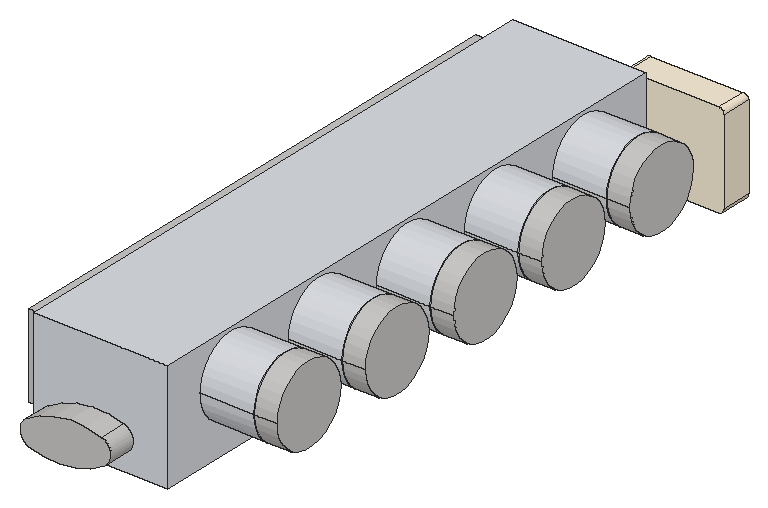
Revit family "HVAC_Ductwork_Airzone_Motorized-Plenum_Generic_Low-Profile_5-Dampers", category Mechanical Equipment, Revit 2016
Family settings
  Part Type = Normal
  Round Connector Dimension = Use Diameter
  OmniClass Number = 23.75.70.14
  OmniClass Title = Air Ductwork
  Work Plane-Based = No
  Always vertical = Yes
  Cut with Voids When Loaded = No
  Shared = No
  Room Calculation Point = No
Parameters (values of type "DAISL01L5")
  Voltage = 230 V
  URL = "www.airzone.es"
  Type Image Comments = "Image available in product documentation download"  # constant formula
  Revit Model Version = "1.0"  # constant formula
  Revit Model Author URL = "www.a3d.es"
  Revit Model Author = "A3D Consulting"  # constant formula
  Product Documentation Download URL = "http://doc.airzone.es/BIM/Easyzone/Daikin-Airzone_motorized_plenum.zip"
  Product Comments = "Refer to technical documentation for further details"  # constant formula
  Power Factor = 1
  Neck Width = 1065.200 mm
  Neck Length = 40.000 mm
  Neck Height = 159.800 mm
  Material = Metal - AIRZONE - Galvanized Sheet - Semi-polished
  Main Control Board Material = Plastic - AIRZONE - Smooth - Off-white
  Load Classification = Other
  Insulated Body Width = 255.000 mm  # constant formula
  Insulated Body Material = Metal -AIRZONE - Insulating Lining -Aluminum Finish
  Insulated Body Length = 1140.000 mm  # constant formula
  Insulated Body Height = 210.000 mm  # constant formula
  Flow [instance] = Damper 5 Air Flow + Damper 4 Air Flow + Damper 3 Air Flow + Damper 2 Air Flow + Damper 1 Air Flow - Fresh Air Inlet 2 Flow - Fresh Air Inlet 1 Flow  # 1500 m³/h
  Fresh Air Inlet 1 Flow [instance] = 0 m³/h
  Fresh Air Inlet 2 Flow [instance] = 0 m³/h
  Fresh Air Inlet Connection Width = 175.000 mm
  Fresh Air Inlet Connection Height = 75.000 mm
  Model = "DAISL01L5"
  Neck Side Offset = 37.400 mm
  Neck Bottom Offset = 27.600 mm
  Type Image = <None>
  Manufacturer = "AIRZONE"  # constant formula
  Main Control Board Depth = 57.000 mm  # constant formula
  Main Control Board Width = 195.000 mm  # constant formula
  Main Control Board Height = 180.000 mm  # constant formula
  Fixing = ""
  Disclaimer = "All information provided in this model is reviewed before being published. However, Airzone cannot guarantee this model is error-free, therefore users are strongly encouraged to check for technical documentation and updates"  # constant formula
  Description = "Airzone low profile motorized plenum with neck that mechanically adapts to the main ducted AC units of Daikin."
  Type Comments = ""
  Dampers Length = 149.000 mm  # constant formula
  Dampers Diameter = 150.000 mm  # constant formula
  Damper 5 Air Flow [instance] = 300 m³/h
  Damper 4 Air Flow [instance] = 300 m³/h
  Damper 1 Air Flow [instance] = 300 m³/h
  Damper 2 Air Flow [instance] = 300 m³/h
  Damper 3 Air Flow [instance] = 300 m³/h
  Fresh Air Inlet Connection Offset Height = 48.305 mm  # constant formula
  Compatible Accesories = ""
  Apparent Load = 57.5 VA
Reference planes
  plane 1 "Center (Front/Back)": y = 0
  plane 2 "Center (Elevation)": z = 0
  plane 3 "Center (Left/Right)": x = 0
  plane 4 "Neck Back": y = 532.6
  plane 5 "Neck Front": y = -532.6
  plane 6 "Neck Top": z = 79.9
  plane 7 "Neck Bottom": z = -79.9
  plane 8 "Left": x = 40
  plane 9 "Bottom": z = -107.5
  plane 10 "Top": z = 102.5
  plane 11 "Front": y = -570
  plane 12 "Back": y = 570
  plane 13 "Right": x = 295
  plane 14 "Dampers Front": x = 444
  plane 15 "Dampers Center (Elevation)": z = 22.5
  plane 16 "Damper3": y = 0
  plane 17 "Damper2": y = 210
  plane 18 "Damper1": y = 420
  plane 19 "Middle": y = 0
  plane 20 "FreshAir Center (Elevation)": z = -59.195
  plane 21 "FreshAir1": y = 622.5
  plane 22 "FreshAir2": y = -622.5
  plane 23 "Dampers Lining": x = 399
  plane 24 "FreshAir Vertical Axis": x = 142.04
  plane 25 "ConnectionBox Side": x = 249
  plane 26 "Main Control Board Center (Left/Right)": x = 346.5
  plane 27 "Damper4": y = -210
  plane 28 "Damper5": y = -420
Forms (mm)
  Extrusion 1, solid, material "Metal - AIRZONE - Galvanized Sheet - Semi-polished" <- "Material"
    sketch origin (0, 0, 0) x (0, 1, 0) y (0, 0, 1)
      loop
        line (-532.6, 79.9) -> (-532.6, -79.9) -> (532.6, -79.9) -> (532.6, 79.9) -> (-532.6, 79.9)
    from 0 to 40
  Extrusion 2, solid, material "Metal -AIRZONE - Insulating Lining -Aluminum Finish" <- "Insulated Body Material"
    sketch origin (40, 0, 0) x (0, 1, 0) y (0, 0, 1)
      loop
        line (-570, 102.5) -> (-570, -107.5) -> (570, -107.5) -> (570, 102.5) -> (-570, 102.5)
    from 0 to 255
  Extrusion 3, solid, material "Metal - AIRZONE - Galvanized Sheet - Semi-polished" <- "Material"
    sketch origin (295, 0, 0) x (0, 1, 0) y (0, 0, 1)
      loop
        circle (0, 22.5) r 75
    from 104 to 149
  Extrusion 4, solid, material "Metal - AIRZONE - Galvanized Sheet - Semi-polished" <- "Material"
    sketch origin (295, 0, 0) x (0, 1, 0) y (0, 0, 1)
      loop
        circle (210, 22.5) r 75
    from 104 to 149
  Extrusion 5, solid, material "Metal - AIRZONE - Galvanized Sheet - Semi-polished" <- "Material"
    sketch origin (295, 0, 0) x (0, 1, 0) y (0, 0, 1)
      loop
        circle (420, 22.5) r 75
    from 104 to 149
  Extrusion 6, solid, material "Metal - AIRZONE - Galvanized Sheet - Semi-polished" <- "Material"
    sketch origin (0, -570, 0) x (0, 0, 1) y (1, 0, 0)
      loop
        arc (-26.641, 211.414) -> (-48.108, 228.315) -> (-72.812, 216.644) r 25.96
        arc (-72.812, 216.644) -> (-98.802, 146.808) -> (-91.349, 72.666) r 164.67
        arc (-91.349, 72.666) -> (-70.165, 55.799) -> (-45.494, 66.961) r 25.96
        arc (-45.494, 66.961) -> (-19.225, 136.99) -> (-26.641, 211.414) r 164.67
    from 0 to -52.5
  Extrusion 7, solid, material "Metal - AIRZONE - Galvanized Sheet - Semi-polished" <- "Material"
    sketch origin (0, 570, 0) x (0, 0, 1) y (1, 0, 0)
      loop
        arc (-26.641, 211.414) -> (-47.825, 228.281) -> (-72.496, 217.119) r 25.96
        arc (-72.496, 217.119) -> (-98.679, 147.74) -> (-91.767, 73.909) r 164.67
        arc (-91.767, 73.909) -> (-70.532, 55.847) -> (-45.178, 67.436) r 25.96
        arc (-45.178, 67.436) -> (-19.188, 137.272) -> (-26.641, 211.414) r 164.67
    from 0 to 52.5
  Extrusion 8, solid, material "Metal -AIRZONE - Insulating Lining -Aluminum Finish" <- "Insulated Body Material"
    sketch origin (295, 0, 0) x (0, 1, 0) y (0, 0, 1)
      loop
        circle (420, 22.5) r 75
    from 0 to 104
  Extrusion 9, solid, material "Metal -AIRZONE - Insulating Lining -Aluminum Finish" <- "Insulated Body Material"
    sketch origin (295, -260, 0) x (0, 1, 0) y (0, 0, 1)
      loop
        circle (470, 22.5) r 75
    from 0 to 104
  Extrusion 10, solid, material "Metal -AIRZONE - Insulating Lining -Aluminum Finish" <- "Insulated Body Material"
    sketch origin (295, -520, 0) x (0, 1, 0) y (0, 0, 1)
      loop
        circle (520, 22.5) r 75
    from 0 to 104
  Extrusion 11, solid, material "Metal - AIRZONE - Galvanized Sheet - Semi-polished" <- "Material"
    sketch origin (295, -190, 0) x (0, 1, 0) y (0, 0, 1)
      loop
        circle (-20, 22.5) r 75
    from 104 to 149
  Extrusion 12, solid, material "Metal -AIRZONE - Insulating Lining -Aluminum Finish" <- "Insulated Body Material"
    sketch origin (295, -710, 0) x (0, 1, 0) y (0, 0, 1)
      loop
        circle (500, 22.5) r 75
    from 0 to 104
  Extrusion 13, solid, material "Metal -AIRZONE - Insulating Lining -Aluminum Finish" <- "Insulated Body Material"
    sketch origin (295, -970, 0) x (0, 1, 0) y (0, 0, 1)
      loop
        circle (550, 22.5) r 75
    from 0 to 104
  Extrusion 14, solid, material "Metal - AIRZONE - Galvanized Sheet - Semi-polished" <- "Material"
    sketch origin (295, -450, 0) x (0, 1, 0) y (0, 0, 1)
      loop
        circle (30, 22.5) r 75
    from 104 to 149
Lines and regions (mm)
  Masking region 1
    outline origin (0, 0, 0) x (1, 0, 0) y (0, 1, 0)
      loop
        line (40, 570) -> (40, -570) -> (295, -570) -> (295, 570) -> (40, 570)
  Masking region 2, detail levels medium+fine
    outline origin (0, 0, 0) x (1, 0, 0) y (0, 1, 0)
      loop
        line (0, 532.6) -> (0, -532.6) -> (40, -532.6) -> (40, 532.6) -> (0, 532.6)
  Masking region 3, detail levels medium+fine
    outline origin (0, 0, 0) x (1, 0, 0) y (0, 1, 0)
      loop
        line (295, 75) -> (295, -75) -> (444, -75) -> (444, 75) -> (295, 75)
  Masking region 4, detail levels medium+fine
    outline origin (0, 260, 0) x (1, 0, 0) y (0, 1, 0)
      loop
        line (295, 25) -> (295, -125) -> (444, -125) -> (444, 25) -> (295, 25)
  Masking region 5, detail levels medium+fine
    outline origin (0, 520, 0) x (1, 0, 0) y (0, 1, 0)
      loop
        line (295, -25) -> (295, -175) -> (444, -175) -> (444, -25) -> (295, -25)
  Masking region 6, detail levels medium+fine
    outline origin (0, 0, -59.195) x (1, 0, 0) y (0, 1, 0)
      loop
        line (54.54, 622.5) -> (54.54, 570) -> (229.54, 570) -> (229.54, 622.5) -> (54.54, 622.5)
  Masking region 7, detail levels medium+fine
    outline origin (0, 0, -59.195) x (1, 0, 0) y (0, 1, 0)
      loop
        line (54.54, -570) -> (54.54, -622.5) -> (229.54, -622.5) -> (229.54, -570) -> (54.54, -570)
  Masking region 8, detail levels medium+fine
    outline origin (0, 0, 102.5) x (0, -1, 0) y (1, 0, 0)
      loop
        line (-627, 249) -> (-570, 249) -> (-570, 444) -> (-627, 444) -> (-627, 249)
  Masking region 9, detail levels medium+fine
    outline origin (0, -190, 0) x (1, 0, 0) y (0, 1, 0)
      loop
        line (295, 55) -> (295, -95) -> (444, -95) -> (444, 55) -> (295, 55)
  Masking region 10, detail levels medium+fine
    outline origin (0, -450, 0) x (1, 0, 0) y (0, 1, 0)
      loop
        line (295, 105) -> (295, -45) -> (444, -45) -> (444, 105) -> (295, 105)
  symbolic lines, detail levels coarse
    curve 1: line (40, -570, 0) -> (295, 0, 0)
    curve 2: line (295, 0, 0) -> (40, 570, 0)
Dimensions and locks
  equal spacing: plane 4 "Neck Back", plane 1 "Center (Front/Back)", plane 5 "Neck Front"
  "Neck Width": plane 4 "Neck Back" to plane 5 "Neck Front"
  equal spacing: plane 6 "Neck Top", level, plane 7 "Neck Bottom"
  "Neck Height": plane 6 "Neck Top" to plane 7 "Neck Bottom"
  "Neck Length": plane 3 "Center (Left/Right)" to plane 8 "Left"
  "Neck Bottom Offset": plane 7 "Neck Bottom" to plane 9 "Bottom"
  "Insulated Body Height": plane 10 "Top" to plane 9 "Bottom"
  "Insulated Body Length": plane 12 "Back" to plane 11 "Front"
  "Insulated Body Width": plane 8 "Left" to plane 13 "Right"
  "Dampers Length": plane 13 "Right" to plane 14 "Dampers Front"
  equal spacing: plane 12 "Back", plane 19 "Middle", plane 11 "Front"
  plane 8 "Left" to plane 13 "Right" = 255.000 mm
  "Fresh Air Inlet Connection Offset Height": plane 20 "FreshAir Center (Elevation)" to plane 9 "Bottom"
  locked: Extrusion 6 sketch curve to plane 9 "Bottom" at 56.47
  locked: Extrusion 6 sketch curve to plane 8 "Left" at 162.52
  locked: Extrusion 6 sketch curve to plane 8 "Left" at 41.56
  locked: Extrusion 6 sketch curve to plane 9 "Bottom" at 40.54
  locked: Extrusion 6 sketch curve to plane 8 "Left" at 118.3
  locked: plane 9 "Bottom" to Extrusion 6 sketch curve at 75.01
  locked: Extrusion 6 sketch curve to plane 8 "Left" at 85.78
  locked: Extrusion 6 sketch curve to plane 9 "Bottom" at 172.02
  locked: Extrusion 7 sketch curve to plane 8 "Left" at 162.52
  locked: Extrusion 7 sketch curve to plane 9 "Bottom" at 56.47
  locked: Extrusion 7 sketch curve to plane 9 "Bottom" at 40.54
  locked: Extrusion 7 sketch curve to plane 8 "Left" at 41.56
  locked: Extrusion 7 sketch curve to plane 8 "Left" at 85.78
  locked: Extrusion 7 sketch curve to plane 9 "Bottom" at 172.02
  locked: plane 9 "Bottom" to Extrusion 7 sketch curve at 75.01
  locked: Extrusion 7 sketch curve to plane 8 "Left" at 118.3
  "Neck Side Offset": plane 12 "Back" to plane 4 "Neck Back"
  locked: plane 21 "FreshAir1" to plane 12 "Back" at 52.5
  plane 11 "Front" to plane 22 "FreshAir2" = 52.500 mm
  locked: plane 24 "FreshAir Vertical Axis" to connector elem
  locked: plane 20 "FreshAir Center (Elevation)" to connector elem
  locked: connector elem to plane 24 "FreshAir Vertical Axis"
  locked: connector elem to plane 20 "FreshAir Center (Elevation)"
  locked: plane 23 "Dampers Lining" to plane 14 "Dampers Front" at 45
  locked: plane 8 "Left" to plane 24 "FreshAir Vertical Axis" at 102.04
  equal spacing: Masking region 3 sketch curve, plane 16 "Damper3", Masking region 3 sketch curve
  "Dampers Diameter": Masking region 3 sketch curve to Masking region 3 sketch curve
  "Dampers Diameter": Masking region 4 sketch curve to Masking region 4 sketch curve
  equal spacing: Masking region 5 sketch curve, plane 18 "Damper1", Masking region 5 sketch curve
  "Dampers Diameter": Masking region 5 sketch curve to Masking region 5 sketch curve
  equal spacing: Masking region 6 sketch curve, plane 24 "FreshAir Vertical Axis", Masking region 6 sketch curve
  "Fresh Air Inlet Connection Width": Masking region 6 sketch curve to Masking region 6 sketch curve
  equal spacing: Masking region 7 sketch curve, plane 24 "FreshAir Vertical Axis", Masking region 7 sketch curve
  "Fresh Air Inlet Connection Width": Masking region 7 sketch curve to Masking region 7 sketch curve
  "Main Control Board Depth": Masking region 8 sketch curve to plane 12 "Back"
  "Main Control Board Width": plane 25 "ConnectionBox Side" to plane 14 "Dampers Front"
  equal spacing: plane 25 "ConnectionBox Side", plane 26 "Main Control Board Center (Left/Right)", plane 14 "Dampers Front"
  locked: nested 1 to plane 10 "Top" at 10
  equal spacing: Masking region 4 sketch curve, plane 17 "Damper2", Masking region 4 sketch curve
  equal spacing: Masking region 9 sketch curve, plane 27 "Damper4", Masking region 9 sketch curve
  "Dampers Diameter": Masking region 9 sketch curve to Masking region 9 sketch curve
  plane 18 "Damper1" to plane 17 "Damper2" to plane 16 "Damper3" to plane 27 "Damper4" to plane 28 "Damper5" = 210.000 mm locked, 210.000 mm locked, 210.000 mm locked, 210.000 mm locked
  locked: plane 19 "Middle" to plane 16 "Damper3"
  equal spacing: Masking region 10 sketch curve, plane 28 "Damper5", Masking region 10 sketch curve
  "Dampers Diameter": Masking region 10 sketch curve to Masking region 10 sketch curve
  locked: plane 10 "Top" to plane 15 "Dampers Center (Elevation)" at 80
  "Dampers Diameter": diameter of Extrusion 3 sketch curve
  "Dampers Diameter": diameter of Extrusion 4 sketch curve
  "Dampers Diameter": diameter of Extrusion 5 sketch curve
  radius of Extrusion 7 sketch curve = 164.670 mm  (x2)
  radius of Extrusion 7 sketch curve = 25.960 mm  (x2)
  radius of Extrusion 6 sketch curve = 164.670 mm  (x2)
  radius of Extrusion 6 sketch curve = 25.960 mm  (x2)
  "Dampers Diameter": diameter of Extrusion 8 sketch curve
  "Dampers Diameter": diameter of Extrusion 9 sketch curve
  "Dampers Diameter": diameter of Extrusion 10 sketch curve
  "Dampers Diameter": diameter of Extrusion 11 sketch curve
  "Dampers Diameter": diameter of Extrusion 12 sketch curve
  "Dampers Diameter": diameter of Extrusion 13 sketch curve
  "Dampers Diameter": diameter of Extrusion 14 sketch curve
  aligned and locked: level to plane 2 "Center (Elevation)"
  aligned and locked: plane 5 "Neck Front" to Extrusion 1 sketch curve
  aligned and locked: Extrusion 1 sketch curve to plane 6 "Neck Top"
  aligned and locked: Extrusion 1 sketch curve to plane 4 "Neck Back"
  aligned and locked: plane 7 "Neck Bottom" to Extrusion 1 sketch curve
  aligned and locked: Extrusion 1 to plane 3 "Center (Left/Right)"
  aligned and locked: Extrusion 2 sketch curve to plane 10 "Top"
  aligned and locked: Extrusion 2 sketch curve to plane 12 "Back"
  aligned and locked: plane 9 "Bottom" to Extrusion 2 sketch curve
  aligned and locked: plane 11 "Front" to Extrusion 2 sketch curve
  aligned and locked: plane 13 "Right" to Extrusion 2
  aligned and locked: Extrusion 2 to plane 8 "Left"
  aligned and locked: plane 16 "Damper3" to Extrusion 3 sketch curve
  aligned and locked: plane 15 "Dampers Center (Elevation)" to Extrusion 3 sketch curve
  aligned and locked: plane 15 "Dampers Center (Elevation)" to Extrusion 4 sketch curve
  aligned and locked: plane 18 "Damper1" to Extrusion 5 sketch curve
  aligned and locked: plane 15 "Dampers Center (Elevation)" to Extrusion 5 sketch curve
  aligned and locked: plane 14 "Dampers Front" to Extrusion 5
  aligned and locked: plane 14 "Dampers Front" to Extrusion 4
  aligned and locked: plane 14 "Dampers Front" to Extrusion 3
  aligned and locked: plane 8 "Left" to Extrusion 1
  aligned and locked: plane 22 "FreshAir2" to Extrusion 6
  aligned and locked: plane 21 "FreshAir1" to Extrusion 7
  aligned and locked: Extrusion 7 to plane 12 "Back"
  aligned and locked: plane 11 "Front" to Extrusion 6
  aligned and locked: Extrusion 5 to plane 23 "Dampers Lining"
  aligned and locked: Extrusion 5 to Extrusion 4
  aligned and locked: Extrusion 4 to Extrusion 3
  aligned and locked: plane 23 "Dampers Lining" to Extrusion 8
  aligned and locked: Extrusion 10 to plane 13 "Right"
  aligned and locked: plane 23 "Dampers Lining" to Extrusion 10
  aligned and locked: Extrusion 9 to plane 13 "Right"
  aligned and locked: plane 23 "Dampers Lining" to Extrusion 9
  aligned and locked: Extrusion 8 to plane 13 "Right"
  aligned and locked: Extrusion 9 to Extrusion 8
  aligned and locked: plane 18 "Damper1" to Extrusion 8 sketch curve
  aligned and locked: plane 15 "Dampers Center (Elevation)" to Extrusion 8 sketch curve
  aligned and locked: plane 15 "Dampers Center (Elevation)" to Extrusion 9 sketch curve
  aligned and locked: plane 16 "Damper3" to Extrusion 10 sketch curve
  aligned and locked: plane 15 "Dampers Center (Elevation)" to Extrusion 10 sketch curve
  aligned and locked: Masking region 1 sketch curve to plane 12 "Back"
  aligned and locked: plane 8 "Left" to Masking region 1 sketch curve
  aligned and locked: Masking region 1 sketch curve to plane 13 "Right"
  aligned and locked: plane 11 "Front" to Masking region 1 sketch curve
  aligned and locked: plane 5 "Neck Front" to Masking region 2 sketch curve
  aligned and locked: plane 3 "Center (Left/Right)" to Masking region 2 sketch curve
  aligned and locked: Masking region 2 sketch curve to plane 4 "Neck Back"
  aligned and locked: Masking region 2 sketch curve to plane 8 "Left"
  aligned and locked: plane 13 "Right" to Masking region 3 sketch curve
  aligned and locked: Masking region 3 sketch curve to plane 14 "Dampers Front"
  aligned and locked: plane 13 "Right" to Masking region 4 sketch curve
  aligned and locked: Masking region 4 sketch curve to plane 14 "Dampers Front"
  aligned and locked: plane 13 "Right" to Masking region 5 sketch curve
  aligned and locked: Masking region 5 sketch curve to plane 14 "Dampers Front"
  aligned and locked: plane 12 "Back" to Masking region 6 sketch curve
  aligned and locked: Masking region 6 sketch curve to plane 21 "FreshAir1"
  aligned and locked: Masking region 7 sketch curve to plane 11 "Front"
  aligned and locked: Masking region 7 sketch curve to plane 22 "FreshAir2"
  aligned and locked: plane 12 "Back" to Masking region 8 sketch curve
  aligned and locked: Masking region 8 sketch curve to plane 14 "Dampers Front"
  aligned and locked: plane 25 "ConnectionBox Side" to Masking region 8 sketch curve
  aligned and locked: plane 17 "Damper2" to Extrusion 9 sketch curve
  aligned and locked: plane 17 "Damper2" to Extrusion 4 sketch curve
  aligned and locked: Masking region 9 sketch curve to plane 14 "Dampers Front"
  aligned and locked: plane 13 "Right" to Masking region 9 sketch curve
  aligned and locked: Extrusion 12 to plane 13 "Right"
  aligned and locked: plane 23 "Dampers Lining" to Extrusion 12
  aligned and locked: Extrusion 11 to plane 23 "Dampers Lining"
  aligned and locked: plane 14 "Dampers Front" to Extrusion 11
  aligned and locked: plane 15 "Dampers Center (Elevation)" to Extrusion 12 sketch curve
  aligned and locked: plane 27 "Damper4" to Extrusion 12 sketch curve
  aligned and locked: plane 15 "Dampers Center (Elevation)" to Extrusion 11 sketch curve
  aligned and locked: plane 27 "Damper4" to Extrusion 11 sketch curve
  aligned and locked: Masking region 10 sketch curve to plane 14 "Dampers Front"
  aligned and locked: plane 13 "Right" to Masking region 10 sketch curve
  aligned and locked: plane 28 "Damper5" to Extrusion 13 sketch curve
  aligned and locked: plane 15 "Dampers Center (Elevation)" to Extrusion 13 sketch curve
  aligned and locked: Extrusion 14 to plane 23 "Dampers Lining"
  aligned and locked: plane 14 "Dampers Front" to Extrusion 14
  aligned and locked: plane 15 "Dampers Center (Elevation)" to Extrusion 14 sketch curve
  aligned and locked: plane 28 "Damper5" to Extrusion 14 sketch curve
  aligned and locked: nested 1 to plane 26 "Main Control Board Center (Left/Right)"
Automatic sketch dimensions
  curve 2 to plane 8 "Left" = 0.000 mm
  curve 1 to plane 8 "Left" = 0.000 mm
  curve 2 to plane 13 "Right" = 0.000 mm
  curve 1 to plane 11 "Front" = 0.000 mm
  curve 2 to plane 16 "Damper3" = 0.000 mm
  curve 2 to plane 12 "Back" = 0.000 mm
Nested families
  nested 1: "Airzone_Main-Control-Board" at (346.5, 570, 2.5) x (-1, 0, 0) z (0, 1, 0), Extrusion <- "Main Control Board Depth", Height <- "Main Control Board Height", Width <- "Main Control Board Width", Material <- "Main Control Board Material", type "Standard"
    with Width 195.000 mm, Material Plastic - AIRZONE - Smooth - Off-white, Height 180.000 mm, Extrusion 57.000 mm
Connectors
  hvac at (444, 0, 22.5), driven by "Damper 3 Air Flow", driven by "Dampers Diameter"
    settings: on Extrusion 3, index 1, duct flow 300 m³/h, flow factor 0, pres drop 0.0 Pa, loss coef 0, conn angle 0.00°, conn width 304.8 mm, conn height 304.8 mm, conn diameter 150 mm, duct sys type 1, conn prof type 0, flow config 0, flow direction 2, loss method 0, conn ref index -1, conn util no, is conn primary no, conn desc "Supply Air Out 3"
  hvac at (444, 210, 22.5), driven by "Damper 2 Air Flow", driven by "Dampers Diameter"
    settings: on Extrusion 4, index 2, duct flow 300 m³/h, flow factor 0, pres drop 0.0 Pa, loss coef 0, conn angle 0.00°, conn width 304.8 mm, conn height 304.8 mm, conn diameter 150 mm, duct sys type 1, conn prof type 0, flow config 0, flow direction 2, loss method 0, conn ref index -1, conn util no, is conn primary no, conn desc "Supply Air Out 2"
  hvac at (444, 420, 22.5), driven by "Damper 1 Air Flow", driven by "Dampers Diameter"
    settings: on Extrusion 5, index 3, duct flow 300 m³/h, flow factor 0, pres drop 0.0 Pa, loss coef 0, conn angle 0.00°, conn width 304.8 mm, conn height 304.8 mm, conn diameter 150 mm, duct sys type 1, conn prof type 0, flow config 0, flow direction 2, loss method 0, conn ref index -1, conn util no, is conn primary no, conn desc "Supply Air Out 1"
  hvac at (0, 0, 0), driven by "Flow", driven by "Neck Height", driven by "Neck Width"
    settings: on Extrusion 1, index 6, duct flow 1500 m³/h, flow factor 0, pres drop 0.0 Pa, loss coef 0, conn angle 0.00°, conn width 1065.2 mm, conn height 159.8 mm, conn diameter 609.6 mm, duct sys type 1, conn prof type 1, flow config 1, flow direction 1, loss method 0, conn ref index -1, conn util no, is conn primary yes, conn desc "Supply Air In"
  hvac at (142.04, -622.5, -59.195), driven by "Fresh Air Inlet 2 Flow", driven by "Fresh Air Inlet Connection Width", driven by "Fresh Air Inlet Connection Height"
    settings: index 7, duct flow 0 m³/h, flow factor 0, pres drop 0.0 Pa, loss coef 0, conn angle 0.00°, conn width 175 mm, conn height 75 mm, conn diameter 609.6 mm, duct sys type 1, conn prof type 2, flow config 1, flow direction 1, loss method 0, conn ref index -1, conn util no, is conn primary no, conn desc "Fresh Air In 2"
  hvac at (142.04, 622.5, -59.195), driven by "Fresh Air Inlet 1 Flow", driven by "Fresh Air Inlet Connection Height", driven by "Fresh Air Inlet Connection Width"
    settings: index 8, duct flow 0 m³/h, flow factor 0, pres drop 0.0 Pa, loss coef 0, conn angle 0.00°, conn width 175 mm, conn height 75 mm, conn diameter 609.6 mm, duct sys type 1, conn prof type 2, flow config 1, flow direction 1, loss method 0, conn ref index -1, conn util no, is conn primary no, conn desc "Fresh Air In 1"
  hvac at (444, -210, 22.5), driven by "Damper 4 Air Flow", driven by "Dampers Diameter"
    settings: on Extrusion 11, index 9, duct flow 300 m³/h, flow factor 0, pres drop 0.0 Pa, loss coef 0, conn angle 0.00°, conn width 304.8 mm, conn height 304.8 mm, conn diameter 150 mm, duct sys type 1, conn prof type 0, flow config 0, flow direction 2, loss method 0, conn ref index -1, conn util no, is conn primary no, conn desc "Supply Air Out 4"
  hvac at (444, -420, 22.5), driven by "Damper 5 Air Flow", driven by "Dampers Diameter"
    settings: on Extrusion 14, index 10, duct flow 300 m³/h, flow factor 0, pres drop 0.0 Pa, loss coef 0, conn angle 0.00°, conn width 304.8 mm, conn height 304.8 mm, conn diameter 150 mm, duct sys type 1, conn prof type 0, flow config 0, flow direction 2, loss method 0, conn ref index -1, conn util no, is conn primary no, conn desc "Supply Air Out 5"
  electrical at (346.5, 627, 2.5), driven by "Load Classification", driven by "Voltage", driven by "Apparent Load", driven by "Power Factor"
    settings: on nested 1, index 11, voltage 230 V, apparent load 57.5 VA, apparent load phase1 0 VA, apparent load phase2 0 VA, apparent load phase3 0 VA, power factor 1, load classification "Other", number of poles 1, system type 30, power factor state 1, is connector primary yes, connector utility no, sub classification motor no, connector description "Power Supply"
Definition of nested family "Airzone_Main-Control-Board"
  Parameters (values of type "Standard")
    Width [instance] = 195.000 mm
    URL = "www.airzone.es"
    Revit Model Version = "1.0"  # constant formula
    Revit Model Author URL = "www.a3d.es"
    Revit Model Author = "A3D Consulting"  # constant formula
    Material [instance] = none
    Manufacturer = "AIRZONE"  # constant formula
    Height [instance] = 180.000 mm
    Extrusion [instance] = 57.000 mm
    Default Elevation = 0.000 mm
  Reference planes
    plane 1 "Center (Front/Back)": y = 0
    plane 2: z = 0
    plane 3 "Center (Left/Right)": x = 0
    plane 4: y = 90
    plane 5: y = -90
    plane 6: x = 97.5
    plane 7: x = -97.5
  Forms (mm)
    Extrusion 1, solid, material <- "Material"
      sketch origin (0, 0, 0) x (1, 0, 0) y (0, 1, 0)
        loop
          arc (-87.5, 90) -> (-94.571, 87.071) -> (-97.5, 80) r 10
          line (-97.5, 80) -> (-97.5, -80)
          arc (-97.5, -80) -> (-94.571, -87.071) -> (-87.5, -90) r 10
          line (-87.5, -90) -> (87.5, -90)
          arc (87.5, -90) -> (94.571, -87.071) -> (97.5, -80) r 10
          line (97.5, -80) -> (97.5, 80)
          arc (97.5, 80) -> (94.571, 87.071) -> (87.5, 90) r 10
          line (87.5, 90) -> (-87.5, 90)
      from 0 to 57 <- "Extrusion"
  Dimensions and locks
    equal spacing: plane 7, plane 3 "Center (Left/Right)", plane 6
    equal spacing: plane 4, plane 1 "Center (Front/Back)", plane 5
    "Width": plane 7 to plane 6
    "Height": plane 4 to plane 5
    radius of Extrusion 1 sketch curve = 10.000 mm  (x4)
    aligned and locked: level to plane 2
    aligned and locked: plane 5 to Extrusion 1 sketch curve
    aligned and locked: Extrusion 1 sketch curve to plane 6
    aligned and locked: Extrusion 1 sketch curve to plane 4
    aligned and locked: plane 7 to Extrusion 1 sketch curve
